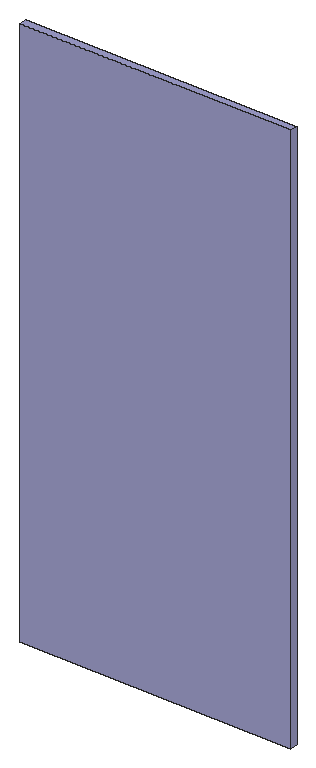
Revit family "EXP_WT-3_CPan-001", category Curtain Panels, Revit 2021
Family settings
  OmniClass Number = 23.25.20.14.11.11.17
  OmniClass Title = Infill Panels
  Always vertical = Yes
  Cut with Voids When Loaded = No
  Shared = No
Parameters
  UI-UnitNumber [instance] = "001"
  UI-Quadrant [instance] = "SE"
  UI-ProjectAbbreviation = "NEU"
  UI-ItemCategory = "PID"
  UI-FloorNumber [instance] = "03"
  PNT-WallType = "WT3"
  PNT-ProjectAbbreviation = "NEU"
  PNT-PanelType [instance] = "01"
  PNT-ItemCategory = "PNL"
  GlassSPH [instance] = 0' - 2 3/8"
  GlassH1 = IG-9F(Glass)
  Define Thermal Properties by = Schematic Type
  CellSp = 0' - 11"
  CellL [instance] = 7' - 10"
  CellH1 [instance] = CellH  # 15' - 11 1/2"
  CellH [instance] = 15' - 11 1/2"
  Analytic Construction = "<None>"
Reference planes (in)
  plane 1 "Center (Front/Back)": y = 0
  plane 2: z = 0
  plane 3 "Center (Left/Right)": x = 0
  plane 4 "Left": x = -47
  plane 5 "Right": x = 47
  plane 6 "Top": z = 191.5
  plane 7: y = -11
Forms (in)
  Extrusion 1, solid, material "IG-9F(Glass)" <- "GlassH1", detail levels coarse+medium
    sketch origin (0, 0, 0) x (0, 1, 0) y (0, 0, 1)
      loop
        line (0, 191.5) -> (-11, 191.5) -> (-11, 0) -> (0, 0) -> (0, 191.5)
    from -47 to 47
Text (in)
  text "Exterior" at (-92.59733, 55.75508, 0), in view "Ref. Level"
  text "Exterior" at (0, 90.18664, 173.49264), in view "Left"
  text "Exterior" at (0, 52.29083, 162.21847), in view "Right"
Dimensions and locks (in)
  equal spacing: plane 4 "Left", plane 3 "Center (Left/Right)", plane 5 "Right"  (x2)
  "CellL": plane 4 "Left" to plane 5 "Right"
  "CellH": plane 2 to plane 6 "Top"
  "CellSp": plane 7 to plane 1 "Center (Front/Back)"
  aligned and locked: level to plane 2
  aligned and locked: Extrusion 1 sketch curve to level
  aligned and locked: Extrusion 1 sketch curve to plane 7
  aligned and locked: Extrusion 1 to plane 5 "Right"
  aligned and locked: plane 4 "Left" to Extrusion 1
  aligned and locked: Extrusion 1 to plane 6 "Top"
  aligned and locked: plane 1 "Center (Front/Back)" to nested 1
  aligned and locked: plane 5 "Right" to nested 1
  aligned and locked: plane 1 "Center (Front/Back)" to nested 2
  aligned and locked: nested 2 to plane 6 "Top"
  aligned and locked: plane 2 to nested 2
  aligned and locked: plane 5 "Right" to nested 2
  aligned and locked: plane 4 "Left" to nested 2
Automatic sketch dimensions
  Extrusion 1 sketch curve to plane 1 "Center (Front/Back)" = 0' - 0"
  level to Extrusion 1 sketch curve = 15' - 11 1/2"
Nested families (in)
  nested 1: "EXP_xx_DetO-002" at (0, 0, 0), CellH <- "CellH", CellL <- "CellL", type "EXP_xx_DetO-002", detail levels coarse
    with CellL 7' - 10", CellH 15' - 11 1/2"
  nested 2: "EXP_WT-1x_IG-011" at (0, 0, 95.75), MaterialGlass <- "GlassH1", GlassSP <- "GlassSPH", type "A = 0°", detail levels fine
    with MaterialGlass IG-9F(Glass), GlassSP 0' - 2 3/8", GlassL 7' - 9", GlassH 15' - 10 1/2", CellL 7' - 10", CellH 15' - 11 1/2"
Definition of nested family "EXP_WT-1x_IG-011"
  Parameters (values of type "A = 90°")
    MaterialGlass [instance] = none
    GlassSP [instance] = 0' - 2.12598"
    GlassL [instance] = CellL - (GlassD1 + GlassD3)  # 3' - 11.8189"
    GlassH [instance] = CellH - (GlassD2 + GlassD4)  # 6' - 7.58489"
    GlassD4 = 0' - 0 1/2"
    GlassD3 = 0' - 0 1/2"
    GlassD2 = 0' - 0 1/2"
    GlassD1 = 0' - 0 1/2"
    GMPI-ProjectAbbreviation = "NEU"
    GMPI-IteamCategory = "GLS"
    Default Elevation = 0' - 0"
    CellL [instance] = 4' - 0.8189"
    CellH [instance] = 6' - 8.58489"
  Types (2): name
    A = 90°
    A = 0°
  Reference planes (in)
    plane 1 "Center (Front/Back)": y = 0
    plane 2: z = 0
    plane 3 "Center (Left/Right)": x = 0
    plane 4: x = -24.40945
    plane 5: x = 24.40945
    plane 6: z = 40.29245
    plane 7: x = -23.90945
    plane 8: x = 23.90945
    plane 9: z = -40.29245
    plane 10: z = 39.79245
    plane 11: z = -39.79245
  Forms (in)
    Extrusion 1, solid, material <- "MaterialGlass"
      sketch origin (0, 0, 0) x (1, 0, 0) y (0, 0, 1)
        loop
          line (-23.90945, -39.79245) -> (23.90945, -39.79245) -> (23.90945, 39.79245) -> (-23.90945, 39.79245) -> (-23.90945, -39.79245)
      from 0 to 2.12598 <- "GlassSP"
  Dimensions and locks (in)
    equal spacing: plane 6, level, plane 9
    "CellH": plane 6 to plane 9
    "GlassD2": plane 6 to plane 10
    "GlassD4": plane 11 to plane 9
    equal spacing: plane 4, plane 3 "Center (Left/Right)", plane 5
    "CellL": plane 4 to plane 5
    "GlassD1": plane 4 to plane 7
    "GlassD3": plane 5 to plane 8
    aligned and locked: level to plane 2
    aligned and locked: Extrusion 1 sketch curve to plane 11
    aligned and locked: Extrusion 1 sketch curve to plane 7
    aligned and locked: plane 10 to Extrusion 1 sketch curve
    aligned and locked: plane 8 to Extrusion 1 sketch curve
Definition of nested family "EXP_xx_DetO-002"
  Parameters (values of type "EXP_xx_DetO-002")
    Default Elevation = 0' - 0"
    CellL [instance] = 5' - 4.56693"
    CellH [instance] = 5' - 2.99213"
  Reference planes (in)
    plane 1 "Center (Front/Back)": y = 0
    plane 2: z = 0
    plane 3 "Center (Left/Right)": x = 0
    plane 4: x = -32.28346
    plane 5: x = 32.28346
    plane 6: z = 62.99213
  Lines and regions (in)
    model lines
      curve 1: line (-32.28346, 0, 62.99213) -> (32.28346, 0, 0)
      curve 2: line (32.28346, 0, 62.99213) -> (-32.28346, 0, 0)
  Dimensions and locks (in)
    "CellH": plane 6 to level
    equal spacing: plane 4, plane 3 "Center (Left/Right)", plane 5
    "CellL": plane 4 to plane 5
    aligned and locked: level to plane 2
  Automatic sketch dimensions
    curve 2 to level = 0' - 0"
    plane 4 to curve 2 = 0' - 0"
    plane 4 to curve 1 = 0' - 0"
    plane 5 to curve 2 = 0' - 0"
    curve 1 to level = 0' - 0"
    plane 5 to curve 1 = 0' - 0"
    curve 2 to plane 6 = 0' - 0"
    curve 1 to plane 6 = 0' - 0"
